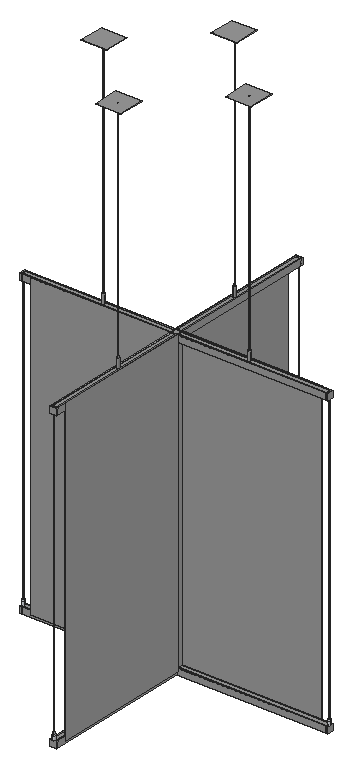
Revit family "Leesti Tomas Pendant Revit Family 06-09-2017", category Lighting Fixtures, host Ceiling, Revit 2014
Parameters (values of type "Leesti Tomas")
  finish = Metal, Paint Finish, White, Matte
  felt = Linen, White
  UTF - Up Light Towards Felt = yes
  UPI - Up Light Indirect = yes
  DTF - Down towards felt = yes
  DLD - Down Light Direct = yes
Types (6): name | felt
  (no name) | Linen, White
  Leesti Pendant Direct 2' | none
  Leesti Tomas | Linen, White
  Leesti Pendant Direct 1' | none
  Leesti Pendant Direct 3' | none
  Leesti Pendant Direct 8' | none
Reference planes (in)
  plane 1 "Light Source Axis (F/B)": y = 0
  plane 2 "Ceiling": z = 38.40234
  plane 3 "Light Source Axis (L/R)": x = 0
  plane 4 "Light Source Elevation": z = 1
Forms (in)
  Extrusion 1, solid, material "Metal, Paint Finish, White, Matte" <- "finish"
    sketch origin (0, 0, 0) x (1, 0, 0) y (0, 1, 0)
      loop
        line (-24.25, 0.5) -> (-24.25, -0.5) -> (-24, -0.5) -> (-24, 0.5) -> (-24.25, 0.5)
    from 0 to 1
  Extrusion 2, solid, material "Metal, Paint Finish, White, Matte" <- "finish"
    sketch origin (12.625, 0, 0) x (1, 0, 0) y (0, 1, 0)
      loop
        circle (-24.125, 0) r 0.2
    from 1 to 2.375
  Extrusion 3, solid, material "Metal, Paint Finish, White, Matte" <- "finish"
    sketch origin (12.625, 0, 0) x (1, 0, 0) y (0, 1, 0)
      loop
        circle (-24.125, 0) r 0.07031
    from 2.375 to 2.625
  Extrusion 4, solid, material "Metal, Paint Finish, White, Matte" <- "finish"
    sketch origin (12.625, 0, 0) x (1, 0, 0) y (0, 1, 0)
      loop
        circle (-24.125, 0) r 0.03906
    from 2.625 to 38.33984
  Extrusion 5, solid, material "Metal, Paint Finish, White, Matte" <- "finish"
    sketch origin (12.75, 0, 0) x (1, 0, 0) y (0, 1, 0)
      loop
        line (-22.125, 2) -> (-26.125, 2) -> (-26.125, -2) -> (-22.125, -2) -> (-22.125, 2)
    from 38.33984 to 38.40234
  Extrusion 6, solid, material "Metal, Paint Finish, White, Matte" <- "finish"
    sketch origin (3.98865, -2.95169, 0) x (1, 0, 0) y (0, 1, 0)
      loop
        line (-4.48865, 3.45169) -> (-4.48865, 2.45169) -> (-3.48865, 2.45169) -> (-3.48865, 3.45169) -> (-4.48865, 3.45169)
    from -47 to 1
  Extrusion 7, solid, material "Metal, Paint Finish, White, Matte" <- "finish"
    sketch origin (-26.5, 0, 0) x (1, 0, 0) y (0, 1, 0)
      loop
        line (2.5, 0.5) -> (2.5, 0.375) -> (26, 0.375) -> (26, 0.5) -> (2.5, 0.5)
      loop
        line (2.5, -0.5) -> (26, -0.5) -> (26, -0.375) -> (2.5, -0.375) -> (2.5, -0.5)
    from 0 to 1
  Extrusion 8, solid, material "Linen, White" <- "felt"
    sketch origin (0, 0, 0) x (1, 0, 0) y (0, 1, 0)
      loop
        line (-0.5, -0.5) -> (-22.5, -0.5) -> (-22.5, -0.5625) -> (-0.5, -0.5625) -> (-0.5, -0.5)
    from -46.66797 to 1
  Extrusion 9, solid, material "Metal, Paint Finish, White, Matte" <- "finish"
    sketch origin (0, 0, -47) x (1, 0, 0) y (0, 1, 0)
      loop
        line (-24.25, 0.5) -> (-24.25, -0.5) -> (-24, -0.5) -> (-24, 0.5) -> (-24.25, 0.5)
    from 0 to 1
  Extrusion 10, solid, material "Metal, Paint Finish, White, Matte" <- "finish"
    sketch origin (-26.5, 0, -47) x (1, 0, 0) y (0, 1, 0)
      loop
        line (2.5, 0.5) -> (2.5, 0.375) -> (26, 0.375) -> (26, 0.5) -> (2.5, 0.5)
      loop
        line (2.5, -0.5) -> (26, -0.5) -> (26, -0.375) -> (2.5, -0.375) -> (2.5, -0.5)
    from 0 to 1
  Extrusion 11, solid
    sketch origin (0, 0, -47) x (1, 0, 0) y (0, 1, 0)
      loop
        circle (-24.125, 0) r 0.2
    from 1 to 1.57813
  Extrusion 12, solid
    sketch origin (0, 0, -47) x (1, 0, 0) y (0, 1, 0)
      loop
        circle (-24.125, 0) r 0.07031
    from 1.78125 to 2.13672
  Extrusion 13, solid
    sketch origin (0, 0, -47) x (1, 0, 0) y (0, 1, 0)
      loop
        circle (-24.125, 0) r 0.03906
    from 2.13672 to 47
  Extrusion 14, solid
    sketch origin (0, 0, -46.42187) x (1, 0, 0) y (0, 1, 0)
      loop
        circle (-24.125, 0) r 0.1875
    from 1 to 1.20312
  Extrusion 15, solid, material "Metal, Paint Finish, White, Matte" <- "finish"
    sketch origin (0, 0, 0) x (0, 1, 0) y (-1, 0, 0)
      loop
        line (-24.25, 0.5) -> (-24.25, -0.5) -> (-24, -0.5) -> (-24, 0.5) -> (-24.25, 0.5)
    from 0 to 1
  Extrusion 16, solid, material "Metal, Paint Finish, White, Matte" <- "finish"
    sketch origin (0, 12.625, 0) x (0, 1, 0) y (-1, 0, 0)
      loop
        circle (-24.125, 0) r 0.2
    from 1 to 2.375
  Extrusion 17, solid, material "Metal, Paint Finish, White, Matte" <- "finish"
    sketch origin (0, 12.625, 0) x (0, 1, 0) y (-1, 0, 0)
      loop
        circle (-24.125, 0) r 0.07031
    from 2.375 to 2.625
  Extrusion 18, solid, material "Metal, Paint Finish, White, Matte" <- "finish"
    sketch origin (0, 12.625, 0) x (0, 1, 0) y (-1, 0, 0)
      loop
        circle (-24.125, 0) r 0.03906
    from 2.625 to 38.33984
  Extrusion 19, solid, material "Metal, Paint Finish, White, Matte" <- "finish"
    sketch origin (0, 12.75, 0) x (0, 1, 0) y (-1, 0, 0)
      loop
        line (-22.125, 2) -> (-26.125, 2) -> (-26.125, -2) -> (-22.125, -2) -> (-22.125, 2)
    from 38.33984 to 38.40234
  Extrusion 20, solid, material "Glass, Frosted, High Luminance", visible <- "UTF - Up Light Towards Felt"
    sketch origin (0, -26.5, 0) x (0, 1, 0) y (-1, 0, 0)
      loop
        line (2.5, 0.375) -> (2.5, -0.375) -> (26, -0.375) -> (26, 0.375) -> (2.5, 0.375)
    from 0.03125 to 0.10156
  Extrusion 21, solid, material "Metal, Paint Finish, White, Matte" <- "finish"
    sketch origin (0, -26.5, 0) x (0, 1, 0) y (-1, 0, 0)
      loop
        line (2.5, 0.5) -> (2.5, 0.375) -> (26, 0.375) -> (26, 0.5) -> (2.5, 0.5)
      loop
        line (2.5, -0.5) -> (26, -0.5) -> (26, -0.375) -> (2.5, -0.375) -> (2.5, -0.5)
    from 0 to 1
  Extrusion 22, solid, material "Metal, Paint Finish, White, Matte" <- "finish", visible <- "UTF - Up Light Towards Felt"
    sketch origin (0, -26.5, 0.89844) x (0, 1, 0) y (-1, 0, 0)
      loop
        line (2.5, 0.375) -> (2.5, -0.375) -> (26, -0.375) -> (26, 0.375) -> (2.5, 0.375)
    from 0.03125 to 0.10156
  Extrusion 23, solid, material "Linen, White" <- "felt"
    sketch origin (0, 0, 0) x (0, 1, 0) y (-1, 0, 0)
      loop
        line (-0.5, -0.5) -> (-22.5, -0.5) -> (-22.5, -0.5625) -> (-0.5, -0.5625) -> (-0.5, -0.5)
    from -46.66797 to 1
  Extrusion 24, solid, material "Metal, Paint Finish, White, Matte" <- "finish"
    sketch origin (0, 0, -47) x (0, 1, 0) y (-1, 0, 0)
      loop
        line (-24.25, 0.5) -> (-24.25, -0.5) -> (-24, -0.5) -> (-24, 0.5) -> (-24.25, 0.5)
    from 0 to 1
  Extrusion 25, solid, material "Metal, Paint Finish, White, Matte" <- "finish"
    sketch origin (0, -26.5, -47) x (0, 1, 0) y (-1, 0, 0)
      loop
        line (2.5, 0.5) -> (2.5, 0.375) -> (26, 0.375) -> (26, 0.5) -> (2.5, 0.5)
      loop
        line (2.5, -0.5) -> (26, -0.5) -> (26, -0.375) -> (2.5, -0.375) -> (2.5, -0.5)
    from 0 to 1
  Extrusion 26, solid
    sketch origin (0, 0, -47) x (0, 1, 0) y (-1, 0, 0)
      loop
        circle (-24.125, 0) r 0.2
    from 1 to 1.57813
  Extrusion 27, solid
    sketch origin (0, 0, -47) x (0, 1, 0) y (-1, 0, 0)
      loop
        circle (-24.125, 0) r 0.07031
    from 1.78125 to 2.13672
  Extrusion 28, solid
    sketch origin (0, 0, -47) x (0, 1, 0) y (-1, 0, 0)
      loop
        circle (-24.125, 0) r 0.03906
    from 2.13672 to 47
  Extrusion 29, solid
    sketch origin (0, 0, -46.42187) x (0, 1, 0) y (-1, 0, 0)
      loop
        circle (-24.125, 0) r 0.1875
    from 1 to 1.20312
  Extrusion 30, solid, material "Metal, Paint Finish, White, Matte" <- "finish"
    sketch origin (0, 0, 0) x (0, -1, 0) y (1, 0, 0)
      loop
        line (-24.25, 0.5) -> (-24.25, -0.5) -> (-24, -0.5) -> (-24, 0.5) -> (-24.25, 0.5)
    from 0 to 1
  Extrusion 31, solid, material "Metal, Paint Finish, White, Matte" <- "finish"
    sketch origin (0, -12.625, 0) x (0, -1, 0) y (1, 0, 0)
      loop
        circle (-24.125, 0) r 0.2
    from 1 to 2.375
  Extrusion 32, solid, material "Metal, Paint Finish, White, Matte" <- "finish"
    sketch origin (0, -12.625, 0) x (0, -1, 0) y (1, 0, 0)
      loop
        circle (-24.125, 0) r 0.07031
    from 2.375 to 2.625
  Extrusion 33, solid, material "Metal, Paint Finish, White, Matte" <- "finish"
    sketch origin (0, -12.625, 0) x (0, -1, 0) y (1, 0, 0)
      loop
        circle (-24.125, 0) r 0.03906
    from 2.625 to 38.33984
  Extrusion 34, solid, material "Metal, Paint Finish, White, Matte" <- "finish"
    sketch origin (0, -12.75, 0) x (0, -1, 0) y (1, 0, 0)
      loop
        line (-22.125, 2) -> (-26.125, 2) -> (-26.125, -2) -> (-22.125, -2) -> (-22.125, 2)
    from 38.33984 to 38.40234
  Extrusion 35, solid, material "Metal, Paint Finish, White, Matte" <- "finish"
    sketch origin (0, 26.5, 0) x (0, -1, 0) y (1, 0, 0)
      loop
        line (2.5, 0.5) -> (2.5, 0.375) -> (26, 0.375) -> (26, 0.5) -> (2.5, 0.5)
      loop
        line (2.5, -0.5) -> (26, -0.5) -> (26, -0.375) -> (2.5, -0.375) -> (2.5, -0.5)
    from 0 to 1
  Extrusion 36, solid, material "Linen, White" <- "felt"
    sketch origin (0, 0, 0) x (0, -1, 0) y (1, 0, 0)
      loop
        line (-0.5, -0.5) -> (-22.5, -0.5) -> (-22.5, -0.5625) -> (-0.5, -0.5625) -> (-0.5, -0.5)
    from -46.66797 to 1
  Extrusion 37, solid, material "Metal, Paint Finish, White, Matte" <- "finish"
    sketch origin (0, 0, -47) x (0, -1, 0) y (1, 0, 0)
      loop
        line (-24.25, 0.5) -> (-24.25, -0.5) -> (-24, -0.5) -> (-24, 0.5) -> (-24.25, 0.5)
    from 0 to 1
  Extrusion 38, solid, material "Metal, Paint Finish, White, Matte" <- "finish"
    sketch origin (0, 26.5, -47) x (0, -1, 0) y (1, 0, 0)
      loop
        line (2.5, 0.5) -> (2.5, 0.375) -> (26, 0.375) -> (26, 0.5) -> (2.5, 0.5)
      loop
        line (2.5, -0.5) -> (26, -0.5) -> (26, -0.375) -> (2.5, -0.375) -> (2.5, -0.5)
    from 0 to 1
  Extrusion 39, solid
    sketch origin (0, 0, -47) x (0, -1, 0) y (1, 0, 0)
      loop
        circle (-24.125, 0) r 0.2
    from 1 to 1.57813
  Extrusion 40, solid
    sketch origin (0, 0, -47) x (0, -1, 0) y (1, 0, 0)
      loop
        circle (-24.125, 0) r 0.07031
    from 1.78125 to 2.13672
  Extrusion 41, solid
    sketch origin (0, 0, -47) x (0, -1, 0) y (1, 0, 0)
      loop
        circle (-24.125, 0) r 0.03906
    from 2.13672 to 47
  Extrusion 42, solid
    sketch origin (0, 0, -46.42187) x (0, -1, 0) y (1, 0, 0)
      loop
        circle (-24.125, 0) r 0.1875
    from 1 to 1.20312
  Extrusion 43, solid, material "Metal, Paint Finish, White, Matte" <- "finish"
    sketch origin (0, 0, 0) x (-1, 0, 0) y (0, -1, 0)
      loop
        line (-24.25, 0.5) -> (-24.25, -0.5) -> (-24, -0.5) -> (-24, 0.5) -> (-24.25, 0.5)
    from 0 to 1
  Extrusion 44, solid, material "Metal, Paint Finish, White, Matte" <- "finish"
    sketch origin (-12.625, 0, 0) x (-1, 0, 0) y (0, -1, 0)
      loop
        circle (-24.125, 0) r 0.2
    from 1 to 2.375
  Extrusion 45, solid, material "Metal, Paint Finish, White, Matte" <- "finish"
    sketch origin (-12.625, 0, 0) x (-1, 0, 0) y (0, -1, 0)
      loop
        circle (-24.125, 0) r 0.07031
    from 2.375 to 2.625
  Extrusion 46, solid, material "Metal, Paint Finish, White, Matte" <- "finish"
    sketch origin (-12.625, 0, 0) x (-1, 0, 0) y (0, -1, 0)
      loop
        circle (-24.125, 0) r 0.03906
    from 2.625 to 38.33984
  Extrusion 47, solid, material "Metal, Paint Finish, White, Matte" <- "finish"
    sketch origin (-12.75, 0, 0) x (-1, 0, 0) y (0, -1, 0)
      loop
        line (-22.125, 2) -> (-26.125, 2) -> (-26.125, -2) -> (-22.125, -2) -> (-22.125, 2)
    from 38.33984 to 38.40234
  Extrusion 48, solid, material "Metal, Paint Finish, White, Matte" <- "finish"
    sketch origin (26.5, 0, 0) x (-1, 0, 0) y (0, -1, 0)
      loop
        line (2.5, 0.5) -> (2.5, 0.375) -> (26, 0.375) -> (26, 0.5) -> (2.5, 0.5)
      loop
        line (2.5, -0.5) -> (26, -0.5) -> (26, -0.375) -> (2.5, -0.375) -> (2.5, -0.5)
    from 0 to 1
  Extrusion 49, solid, material "Linen, White" <- "felt"
    sketch origin (0, 0, 0) x (-1, 0, 0) y (0, -1, 0)
      loop
        line (-0.5, -0.5) -> (-22.5, -0.5) -> (-22.5, -0.5625) -> (-0.5, -0.5625) -> (-0.5, -0.5)
    from -46.66797 to 1
  Extrusion 50, solid, material "Metal, Paint Finish, White, Matte" <- "finish"
    sketch origin (0, 0, -47) x (-1, 0, 0) y (0, -1, 0)
      loop
        line (-24.25, 0.5) -> (-24.25, -0.5) -> (-24, -0.5) -> (-24, 0.5) -> (-24.25, 0.5)
    from 0 to 1
  Extrusion 51, solid, material "Metal, Paint Finish, White, Matte" <- "finish"
    sketch origin (26.5, 0, -47) x (-1, 0, 0) y (0, -1, 0)
      loop
        line (2.5, 0.5) -> (2.5, 0.375) -> (26, 0.375) -> (26, 0.5) -> (2.5, 0.5)
      loop
        line (2.5, -0.5) -> (26, -0.5) -> (26, -0.375) -> (2.5, -0.375) -> (2.5, -0.5)
    from 0 to 1
  Extrusion 52, solid
    sketch origin (0, 0, -47) x (-1, 0, 0) y (0, -1, 0)
      loop
        circle (-24.125, 0) r 0.2
    from 1 to 1.57813
  Extrusion 53, solid
    sketch origin (0, 0, -47) x (-1, 0, 0) y (0, -1, 0)
      loop
        circle (-24.125, 0) r 0.07031
    from 1.78125 to 2.13672
  Extrusion 54, solid
    sketch origin (0, 0, -47) x (-1, 0, 0) y (0, -1, 0)
      loop
        circle (-24.125, 0) r 0.03906
    from 2.13672 to 47
  Extrusion 55, solid
    sketch origin (0, 0, -46.42187) x (-1, 0, 0) y (0, -1, 0)
      loop
        circle (-24.125, 0) r 0.1875
    from 1 to 1.20312
  Extrusion 56, solid, material "Glass, Frosted, High Luminance", visible <- "UTF - Up Light Towards Felt", not visible
    sketch origin (0, -26.5, 0) x (0, 1, 0) y (-1, 0, 0)
      loop
        line (2.5, 0.375) -> (2.5, -0.375) -> (26, -0.375) -> (26, 0.375) -> (2.5, 0.375)
    from 0.03125 to 0.10156
  Extrusion 57, solid, material "Metal, Paint Finish, White, Matte" <- "finish", visible <- "UTF - Up Light Towards Felt", not visible
    sketch origin (0, -26.5, 0.89844) x (0, 1, 0) y (-1, 0, 0)
      loop
        line (2.5, 0.375) -> (2.5, -0.375) -> (26, -0.375) -> (26, 0.375) -> (2.5, 0.375)
    from 0.03125 to 0.10156
  Extrusion 58, solid, material "Glass, Frosted, High Luminance", visible <- "UPI - Up Light Indirect"
    sketch origin (0, -26.5, 0.86719) x (1, 0, 0) y (0, 1, 0)
      loop
        line (0.375, 2.5) -> (0.375, 26) -> (-0.375, 26) -> (-0.375, 2.5) -> (0.375, 2.5)
    from 0.03125 to 0.10156
  Extrusion 59, solid, material "Metal, Paint Finish, White, Matte" <- "finish", visible <- "UPI - Up Light Indirect"
    sketch origin (0, -26.5, -0.03125) x (1, 0, 0) y (0, 1, 0)
      loop
        line (0.375, 2.5) -> (0.375, 26) -> (-0.375, 26) -> (-0.375, 2.5) -> (0.375, 2.5)
    from 0.03125 to 0.10156
  Extrusion 60, solid, material "Glass, Frosted, High Luminance", visible <- "UPI - Up Light Indirect", not visible
    sketch origin (0, -26.5, 0.86719) x (1, 0, 0) y (0, 1, 0)
      loop
        line (0.375, 2.5) -> (0.375, 26) -> (-0.375, 26) -> (-0.375, 2.5) -> (0.375, 2.5)
    from 0.03125 to 0.10156
  Extrusion 61, solid, material "Metal, Paint Finish, White, Matte" <- "finish", visible <- "UPI - Up Light Indirect", not visible
    sketch origin (0, -26.5, -0.03125) x (1, 0, 0) y (0, 1, 0)
      loop
        line (0.375, 2.5) -> (0.375, 26) -> (-0.375, 26) -> (-0.375, 2.5) -> (0.375, 2.5)
    from 0.03125 to 0.10156
  Extrusion 62, solid, material "Glass, Frosted, High Luminance", visible <- "UTF - Up Light Towards Felt"
    sketch origin (0, -2, 0) x (0, 1, 0) y (-1, 0, 0)
      loop
        line (2.5, 0.375) -> (2.5, -0.375) -> (26, -0.375) -> (26, 0.375) -> (2.5, 0.375)
    from 0.03125 to 0.10156
  Extrusion 63, solid, material "Metal, Paint Finish, White, Matte" <- "finish", visible <- "UTF - Up Light Towards Felt"
    sketch origin (0, -2, 0.89844) x (0, 1, 0) y (-1, 0, 0)
      loop
        line (2.5, 0.375) -> (2.5, -0.375) -> (26, -0.375) -> (26, 0.375) -> (2.5, 0.375)
    from 0.03125 to 0.10156
  Extrusion 64, solid, material "Glass, Frosted, High Luminance", visible <- "UPI - Up Light Indirect"
    sketch origin (0, -2, 0.86719) x (1, 0, 0) y (0, 1, 0)
      loop
        line (0.375, 2.5) -> (0.375, 26) -> (-0.375, 26) -> (-0.375, 2.5) -> (0.375, 2.5)
    from 0.03125 to 0.10156
  Extrusion 65, solid, material "Metal, Paint Finish, White, Matte" <- "finish", visible <- "UPI - Up Light Indirect"
    sketch origin (0, -2, -0.03125) x (1, 0, 0) y (0, 1, 0)
      loop
        line (0.375, 2.5) -> (0.375, 26) -> (-0.375, 26) -> (-0.375, 2.5) -> (0.375, 2.5)
    from 0.03125 to 0.10156
  Extrusion 66, solid, material "Glass, Frosted, High Luminance", visible <- "UTF - Up Light Towards Felt"
    sketch origin (-26.5, 0, 0) x (1, 0, 0) y (0, 1, 0)
      loop
        line (2.5, 0.375) -> (2.5, -0.375) -> (26, -0.375) -> (26, 0.375) -> (2.5, 0.375)
    from 0.03125 to 0.10156
  Extrusion 67, solid, material "Metal, Paint Finish, White, Matte" <- "finish", visible <- "UTF - Up Light Towards Felt"
    sketch origin (-26.5, 0, 0.89844) x (1, 0, 0) y (0, 1, 0)
      loop
        line (2.5, 0.375) -> (2.5, -0.375) -> (26, -0.375) -> (26, 0.375) -> (2.5, 0.375)
    from 0.03125 to 0.10156
  Extrusion 68, solid, material "Glass, Frosted, High Luminance", visible <- "UPI - Up Light Indirect"
    sketch origin (-26.5, 0, 0.86719) x (0, -1, 0) y (1, 0, 0)
      loop
        line (0.375, 2.5) -> (0.375, 26) -> (-0.375, 26) -> (-0.375, 2.5) -> (0.375, 2.5)
    from 0.03125 to 0.10156
  Extrusion 69, solid, material "Metal, Paint Finish, White, Matte" <- "finish", visible <- "UPI - Up Light Indirect"
    sketch origin (-26.5, 0, -0.03125) x (0, -1, 0) y (1, 0, 0)
      loop
        line (0.375, 2.5) -> (0.375, 26) -> (-0.375, 26) -> (-0.375, 2.5) -> (0.375, 2.5)
    from 0.03125 to 0.10156
  Extrusion 70, solid, material "Glass, Frosted, High Luminance", visible <- "UTF - Up Light Towards Felt"
    sketch origin (-2, 0, 0) x (1, 0, 0) y (0, 1, 0)
      loop
        line (2.5, 0.375) -> (2.5, -0.375) -> (26, -0.375) -> (26, 0.375) -> (2.5, 0.375)
    from 0.03125 to 0.10156
  Extrusion 71, solid, material "Metal, Paint Finish, White, Matte" <- "finish", visible <- "UTF - Up Light Towards Felt"
    sketch origin (-2, 0, 0.89844) x (1, 0, 0) y (0, 1, 0)
      loop
        line (2.5, 0.375) -> (2.5, -0.375) -> (26, -0.375) -> (26, 0.375) -> (2.5, 0.375)
    from 0.03125 to 0.10156
  Extrusion 72, solid, material "Glass, Frosted, High Luminance", visible <- "UPI - Up Light Indirect"
    sketch origin (-2, 0, 0.86719) x (0, -1, 0) y (1, 0, 0)
      loop
        line (0.375, 2.5) -> (0.375, 26) -> (-0.375, 26) -> (-0.375, 2.5) -> (0.375, 2.5)
    from 0.03125 to 0.10156
  Extrusion 73, solid, material "Metal, Paint Finish, White, Matte" <- "finish", visible <- "UPI - Up Light Indirect"
    sketch origin (-2, 0, -0.03125) x (0, -1, 0) y (1, 0, 0)
      loop
        line (0.375, 2.5) -> (0.375, 26) -> (-0.375, 26) -> (-0.375, 2.5) -> (0.375, 2.5)
    from 0.03125 to 0.10156
  Extrusion 74, solid, material "Glass, Frosted, High Luminance", visible <- "DLD - Down Light Direct"
    sketch origin (-26.5, 0, -47) x (1, 0, 0) y (0, 1, 0)
      loop
        line (2.5, 0.375) -> (2.5, -0.375) -> (26, -0.375) -> (26, 0.375) -> (2.5, 0.375)
    from 0.03125 to 0.10156
  Extrusion 75, solid, material "Metal, Paint Finish, White, Matte" <- "finish", visible <- "DLD - Down Light Direct"
    sketch origin (-26.5, 0, -46.10156) x (1, 0, 0) y (0, 1, 0)
      loop
        line (2.5, 0.375) -> (2.5, -0.375) -> (26, -0.375) -> (26, 0.375) -> (2.5, 0.375)
    from 0.03125 to 0.10156
  Extrusion 76, solid, material "Glass, Frosted, High Luminance", visible <- "DTF - Down towards felt"
    sketch origin (-26.5, 0, -46.13281) x (0, -1, 0) y (1, 0, 0)
      loop
        line (0.375, 2.5) -> (0.375, 26) -> (-0.375, 26) -> (-0.375, 2.5) -> (0.375, 2.5)
    from 0.03125 to 0.10156
  Extrusion 77, solid, material "Metal, Paint Finish, White, Matte" <- "finish", visible <- "DTF - Down towards felt"
    sketch origin (-26.5, 0, -47.03125) x (0, -1, 0) y (1, 0, 0)
      loop
        line (0.375, 2.5) -> (0.375, 26) -> (-0.375, 26) -> (-0.375, 2.5) -> (0.375, 2.5)
    from 0.03125 to 0.10156
  Extrusion 78, solid, material "Glass, Frosted, High Luminance", visible <- "DLD - Down Light Direct", not visible
    sketch origin (0, -26.5, 0) x (0, 1, 0) y (-1, 0, 0)
      loop
        line (2.5, 0.375) -> (2.5, -0.375) -> (26, -0.375) -> (26, 0.375) -> (2.5, 0.375)
    from 0.03125 to 0.10156
  Extrusion 79, solid, material "Metal, Paint Finish, White, Matte" <- "finish", visible <- "DLD - Down Light Direct", not visible
    sketch origin (0, -26.5, 0.89844) x (0, 1, 0) y (-1, 0, 0)
      loop
        line (2.5, 0.375) -> (2.5, -0.375) -> (26, -0.375) -> (26, 0.375) -> (2.5, 0.375)
    from 0.03125 to 0.10156
  Extrusion 80, solid, material "Glass, Frosted, High Luminance", visible <- "DTF - Down towards felt", not visible
    sketch origin (0, -26.5, 0.86719) x (1, 0, 0) y (0, 1, 0)
      loop
        line (0.375, 2.5) -> (0.375, 26) -> (-0.375, 26) -> (-0.375, 2.5) -> (0.375, 2.5)
    from 0.03125 to 0.10156
  Extrusion 81, solid, material "Metal, Paint Finish, White, Matte" <- "finish", visible <- "DTF - Down towards felt", not visible
    sketch origin (0, -26.5, -0.03125) x (1, 0, 0) y (0, 1, 0)
      loop
        line (0.375, 2.5) -> (0.375, 26) -> (-0.375, 26) -> (-0.375, 2.5) -> (0.375, 2.5)
    from 0.03125 to 0.10156
  Extrusion 82, solid, material "Glass, Frosted, High Luminance", visible <- "DLD - Down Light Direct"
    sketch origin (-2, 0, -47) x (1, 0, 0) y (0, 1, 0)
      loop
        line (2.5, 0.375) -> (2.5, -0.375) -> (26, -0.375) -> (26, 0.375) -> (2.5, 0.375)
    from 0.03125 to 0.10156
  Extrusion 83, solid, material "Metal, Paint Finish, White, Matte" <- "finish", visible <- "DLD - Down Light Direct"
    sketch origin (-2, 0, -46.10156) x (1, 0, 0) y (0, 1, 0)
      loop
        line (2.5, 0.375) -> (2.5, -0.375) -> (26, -0.375) -> (26, 0.375) -> (2.5, 0.375)
    from 0.03125 to 0.10156
  Extrusion 84, solid, material "Glass, Frosted, High Luminance", visible <- "DTF - Down towards felt"
    sketch origin (-2, 0, -46.13281) x (0, -1, 0) y (1, 0, 0)
      loop
        line (0.375, 2.5) -> (0.375, 26) -> (-0.375, 26) -> (-0.375, 2.5) -> (0.375, 2.5)
    from 0.03125 to 0.10156
  Extrusion 85, solid, material "Metal, Paint Finish, White, Matte" <- "finish", visible <- "DTF - Down towards felt"
    sketch origin (-2, 0, -47.03125) x (0, -1, 0) y (1, 0, 0)
      loop
        line (0.375, 2.5) -> (0.375, 26) -> (-0.375, 26) -> (-0.375, 2.5) -> (0.375, 2.5)
    from 0.03125 to 0.10156
  Extrusion 86, solid, material "Glass, Frosted, High Luminance", visible <- "DLD - Down Light Direct"
    sketch origin (0, -2, -47) x (0, 1, 0) y (-1, 0, 0)
      loop
        line (2.5, 0.375) -> (2.5, -0.375) -> (26, -0.375) -> (26, 0.375) -> (2.5, 0.375)
    from 0.03125 to 0.10156
  Extrusion 87, solid, material "Metal, Paint Finish, White, Matte" <- "finish", visible <- "DLD - Down Light Direct"
    sketch origin (0, -2, -46.10156) x (0, 1, 0) y (-1, 0, 0)
      loop
        line (2.5, 0.375) -> (2.5, -0.375) -> (26, -0.375) -> (26, 0.375) -> (2.5, 0.375)
    from 0.03125 to 0.10156
  Extrusion 88, solid, material "Glass, Frosted, High Luminance", visible <- "DTF - Down towards felt"
    sketch origin (0, -2, -46.13281) x (1, 0, 0) y (0, 1, 0)
      loop
        line (0.375, 2.5) -> (0.375, 26) -> (-0.375, 26) -> (-0.375, 2.5) -> (0.375, 2.5)
    from 0.03125 to 0.10156
  Extrusion 89, solid, material "Metal, Paint Finish, White, Matte" <- "finish", visible <- "DTF - Down towards felt"
    sketch origin (0, -2, -47.03125) x (1, 0, 0) y (0, 1, 0)
      loop
        line (0.375, 2.5) -> (0.375, 26) -> (-0.375, 26) -> (-0.375, 2.5) -> (0.375, 2.5)
    from 0.03125 to 0.10156
  Extrusion 90, solid, material "Glass, Frosted, High Luminance", visible <- "DLD - Down Light Direct"
    sketch origin (0, -26.5, -47) x (0, 1, 0) y (-1, 0, 0)
      loop
        line (2.5, 0.375) -> (2.5, -0.375) -> (26, -0.375) -> (26, 0.375) -> (2.5, 0.375)
    from 0.03125 to 0.10156
  Extrusion 91, solid, material "Metal, Paint Finish, White, Matte" <- "finish", visible <- "DLD - Down Light Direct"
    sketch origin (0, -26.5, -46.10156) x (0, 1, 0) y (-1, 0, 0)
      loop
        line (2.5, 0.375) -> (2.5, -0.375) -> (26, -0.375) -> (26, 0.375) -> (2.5, 0.375)
    from 0.03125 to 0.10156
  Extrusion 92, solid, material "Glass, Frosted, High Luminance", visible <- "DTF - Down towards felt"
    sketch origin (0, -26.5, -46.13281) x (1, 0, 0) y (0, 1, 0)
      loop
        line (0.375, 2.5) -> (0.375, 26) -> (-0.375, 26) -> (-0.375, 2.5) -> (0.375, 2.5)
    from 0.03125 to 0.10156
  Extrusion 93, solid, material "Metal, Paint Finish, White, Matte" <- "finish", visible <- "DTF - Down towards felt"
    sketch origin (0, -26.5, -47.03125) x (1, 0, 0) y (0, 1, 0)
      loop
        line (0.375, 2.5) -> (0.375, 26) -> (-0.375, 26) -> (-0.375, 2.5) -> (0.375, 2.5)
    from 0.03125 to 0.10156
Lines and regions (in)
  model lines
    curve 1: line (-12.25, 0, 1) -> (-12.25, 0, 0.07031)
    curve 2: line (12.24337, 0, 1) -> (12.24337, 0, 0.07031)
    curve 4: line (-12.25, 0, -45.92969) -> (-12.25, 0, -46.92969)
    curve 7: line (0, -12.25, -45.92969) -> (0, -12.25, -46.92969)
    curve 8: line (0, -12.25, 1) -> (0, -12.25, 0.07031)
    curve 9: line (0, 12.25, 1) -> (0, 12.25, 0.07031)
    curve 10: line (12.24337, 0, -45.92969) -> (12.24337, 0, -46.92969)
    curve 11: line (0, 12.25, -45.92969) -> (0, 12.25, -46.92969)
    curve 12: line (12.24337, 0, 1) -> (12.24337, 0, 0)
    curve 14: line (0, -12.25, 1) -> (0, -12.25, 0)
    curve 15: line (-12.25, 0, 1) -> (-12.25, 0, 0)
    curve 16: line (0, 12.25, 1) -> (0, 12.25, 0)
    curve 17: line (0, 12.25, -46) -> (0, 12.25, -47)
    curve 19: line (-12.25, 0, -46) -> (-12.25, 0, -47)
    curve 20: line (0, -12.25, -46) -> (0, -12.25, -47)
    curve 21: line (12.24337, 0, -46) -> (12.24337, 0, -47)
  model lines, not visible
    curve 3: line (0, 15.49951, 41.99838) -> (0, 15.49951, 41.24838)
    curve 5: line (-17.125, 0, 0.5) -> (-17.125, 0, -0.42969)
    curve 6: line (-17.125, 0, 0.57031) -> (-17.125, 0, -0.42969)
    curve 13: line (-17.125, 0, 0.57031) -> (-17.125, 0, -0.42969)
    curve 18: line (-17.125, 0, 0.57031) -> (-17.125, 0, -0.42969)
Dimensions and locks (in)
  equal spacing: host sketch curve, plane 3 "Light Source Axis (L/R)", host sketch curve
  equal spacing: host sketch curve, plane 1 "Light Source Axis (F/B)", host sketch curve
  host sketch curve to host sketch curve = 10' - 0"  (x2)
  aligned and locked: Extrusion 7 to Extrusion 6  (x2)
Nested families (in)
  nested 1: "Leesti Tomas 4'" at (-12.25, 8.60801, -41), visible <- "UPI - Up Light Indirect", type "DTF - Down towards felt"
  nested 2: "Leesti Tomas 4'" at (12.24337, 8.60801, -41), visible <- "UPI - Up Light Indirect", type "DTF - Down towards felt"
  nested 3: "Leesti Pendant Direct 1'" at (0, 24.10801, 0), type "Leesti Pendant Direct 1'", not visible
  nested 4: "Leesti Tomas 4'" at (-12.25, 8.60801, -88), visible <- "DTF - Down towards felt", type "DTF - Down towards felt"
  nested 5: "Leesti Tomas 4'" at (-17.125, 8.60801, -41.5), visible <- "UPI - Up Light Indirect", type "DTF - Down towards felt", not visible
  nested 6: "Leesti Tomas 4'" at (-17.125, 8.60801, -41.5), visible <- "DTF - Down towards felt", type "DTF - Down towards felt", not visible
  nested 7: "Leesti Tomas 4'" at (-8.60801, -12.25, -88) x (0, 1, 0) z (0, 0, 1), visible <- "DTF - Down towards felt", type "DTF - Down towards felt"
  nested 8: "Leesti Tomas 4'" at (-8.60801, -12.25, -41) x (0, 1, 0) z (0, 0, 1), visible <- "UPI - Up Light Indirect", type "DTF - Down towards felt"
  nested 9: "Leesti Tomas 4'" at (-8.60801, 12.25, -41) x (0, 1, 0) z (0, 0, 1), visible <- "UPI - Up Light Indirect", type "DTF - Down towards felt"
  nested 10: "Leesti Tomas 4'" at (12.24337, 8.60801, -88), visible <- "DTF - Down towards felt", type "DTF - Down towards felt"
  nested 11: "Leesti Tomas 4'" at (-8.60801, 12.25, -88) x (0, 1, 0) z (0, 0, 1), visible <- "DTF - Down towards felt", type "DTF - Down towards felt"
  nested 12: "Leesti Tomas 4' - down" at (12.24337, 8.60801, -54), visible <- "UTF - Up Light Towards Felt", type "UTF - Up Light Towards Felt"
  nested 13: "Leesti Tomas 4' - down" at (-17.125, 8.60801, -54.42969), visible <- "UTF - Up Light Towards Felt", type "UTF - Up Light Towards Felt", not visible
  nested 14: "Leesti Tomas 4' - down" at (-8.60801, -12.25, -54) x (0, 1, 0) z (0, 0, 1), visible <- "UTF - Up Light Towards Felt", type "UTF - Up Light Towards Felt"
  nested 15: "Leesti Tomas 4' - down" at (-12.25, 8.60801, -54), visible <- "UTF - Up Light Towards Felt", type "UTF - Up Light Towards Felt"
  nested 16: "Leesti Tomas 4' - down" at (-8.60801, 12.25, -54) x (0, 1, 0) z (0, 0, 1), visible <- "UTF - Up Light Towards Felt", type "UTF - Up Light Towards Felt"
  nested 17: "Leesti Tomas 4' - down" at (-8.60801, 12.25, -101) x (0, 1, 0) z (0, 0, 1), visible <- "DLD - Down Light Direct", type "DLD - Down Light Direct"
  nested 18: "Leesti Tomas 4' - down" at (-17.125, 8.60801, -54.42969), visible <- "DLD - Down Light Direct", type "DLD - Down Light Direct", not visible
  nested 19: "Leesti Tomas 4' - down" at (-12.25, 8.60801, -101), visible <- "DLD - Down Light Direct", type "DLD - Down Light Direct"
  nested 20: "Leesti Tomas 4' - down" at (-8.60801, -12.25, -101) x (0, 1, 0) z (0, 0, 1), visible <- "DLD - Down Light Direct", type "DLD - Down Light Direct"
  nested 21: "Leesti Tomas 4' - down" at (12.24337, 8.60801, -101), visible <- "DLD - Down Light Direct", type "DLD - Down Light Direct"
Definition of nested family "Leesti Tomas 4'"
  Parameters (values of type "UTF - Up Light Towards Felt")
    Wattage = 16.1571 W
    built-in parameter 1150110 = 1 (stored number, unit not read)
    built-in parameter 1114217 = 1 (stored number, unit not read)
    Tilt Angle = 90.00°
    built-in parameter 1150109 = 1 (stored number, unit not read)
    built-in parameter 1150134 = 1
    built-in parameter 1150113 = 1 (stored number, unit not read)
    Photometric Web File = "L021502208.IES"
    Lumens = 2400 lm
    built-in parameter 1150115 = 1 (stored number, unit not read)
    built-in parameter 1150105 = 190.99 (stored number, unit not read)
    built-in parameter 1150137 = (empty or 0)
    built-in parameter 1150139 = (empty or 0)
    built-in parameter 1150112 = 1 (stored number, unit not read)
    built-in parameter 1150114 = 1 (stored number, unit not read)
    built-in parameter 1150132 = 2
    built-in parameter 1150102 = (empty or 0)
    built-in parameter 1150138 = (empty or 0)
    built-in parameter 1150107 = 6500 (stored number, unit not read)
    built-in parameter 1150106 = 1.9099 (stored number, unit not read)
    Emit from Line Length = 1' - 11 1/2"
    built-in parameter 1150104 = 13.8 (stored number, unit not read)
    Dimming Lamp Color Temperature Shift = (empty or 0)
    Color Filter = 16777215
    built-in parameter 1114218 = 1 (stored number, unit not read)
    built-in parameter 1150133 = 10 (stored number, unit not read)
  Types (3): name | Photometric Web File | Emit from Line Length
    UTF - Up Light Towards Felt | "L021502208.IES" | 1' - 11 1/2"
    Leesti Tomas 4' UPI - Up Light Indirect | "L021502206.IES" | 2' - 0"
    DTF - Down towards felt | "L021502206.IES" | 2' - 0"
  Reference planes (in)
    plane 1 "Light Source Axis (F/B)": y = -8.60801
    plane 2: z = 0
    plane 3 "Light Source Axis (L/R)": x = 0
    plane 4 "Light Source Elevation": z = 42
    plane 5: z = 0
  Dimensions and locks (in)
    aligned and locked: plane 3 "Light Source Axis (L/R)" to imposter light
    aligned and locked: plane 1 "Light Source Axis (F/B)" to imposter light
    aligned and locked: plane 4 "Light Source Elevation" to imposter light
    aligned and locked: level to plane 5
Definition of nested family "Leesti Pendant Direct 1'"
  Parameters (values of type "Leesti Pendant Direct 1'")
    Wattage = 16.1571 W
    built-in parameter 1150110 = 1 (stored number, unit not read)
    built-in parameter 1114217 = 1 (stored number, unit not read)
    Tilt Angle = 90.00°
    built-in parameter 1150109 = 1 (stored number, unit not read)
    built-in parameter 1150134 = 1
    built-in parameter 1150113 = 1 (stored number, unit not read)
    Photometric Web File = "Leesti Pendant Direct 1'.IES"
    Lumens = 2400 lm
    built-in parameter 1150115 = 1 (stored number, unit not read)
    built-in parameter 1150105 = 190.99 (stored number, unit not read)
    built-in parameter 1150137 = (empty or 0)
    built-in parameter 1150139 = (empty or 0)
    built-in parameter 1150112 = 1 (stored number, unit not read)
    built-in parameter 1150114 = 1 (stored number, unit not read)
    built-in parameter 1150132 = 2
    built-in parameter 1150102 = (empty or 0)
    built-in parameter 1150138 = (empty or 0)
    built-in parameter 1150107 = 6500 (stored number, unit not read)
    built-in parameter 1150106 = 1.9099 (stored number, unit not read)
    Emit from Rectangle Width = 0' - 0 3/4"
    Emit from Rectangle Length = 0' - 0 3/4"
    Emit Shape Visible in Rendering = no
    built-in parameter 1150104 = 13.8 (stored number, unit not read)
    Dimming Lamp Color Temperature Shift = (empty or 0)
    Color Filter = 16777215
    built-in parameter 1114218 = 1 (stored number, unit not read)
    built-in parameter 1150133 = 10 (stored number, unit not read)
  Reference planes (in)
    plane 1 "Light Source Axis (F/B)": y = -8.60801
    plane 2: z = 0
    plane 3 "Light Source Axis (L/R)": x = 0
    plane 4 "Light Source Elevation": z = 42
    plane 5: z = 0
  Dimensions and locks (in)
    aligned and locked: plane 3 "Light Source Axis (L/R)" to imposter light
    aligned and locked: plane 1 "Light Source Axis (F/B)" to imposter light
    aligned and locked: plane 4 "Light Source Elevation" to imposter light
    aligned and locked: level to plane 5
Definition of nested family "Leesti Tomas 4' - down"
  Parameters (values of type "DLD - Down Light Direct")
    Wattage = 16.1571 W
    built-in parameter 1150110 = 1 (stored number, unit not read)
    built-in parameter 1114217 = 1 (stored number, unit not read)
    Tilt Angle = 90.00°
    built-in parameter 1150109 = 1 (stored number, unit not read)
    built-in parameter 1150134 = 1
    built-in parameter 1150113 = 1 (stored number, unit not read)
    Photometric Web File = "L021502206.IES"
    Lumens = 2400 lm
    built-in parameter 1150115 = 1 (stored number, unit not read)
    built-in parameter 1150105 = 190.99 (stored number, unit not read)
    built-in parameter 1150137 = (empty or 0)
    built-in parameter 1150139 = (empty or 0)
    built-in parameter 1150112 = 1 (stored number, unit not read)
    built-in parameter 1150114 = 1 (stored number, unit not read)
    built-in parameter 1150132 = 2
    built-in parameter 1150102 = (empty or 0)
    built-in parameter 1150138 = (empty or 0)
    built-in parameter 1150107 = 6500 (stored number, unit not read)
    built-in parameter 1150106 = 1.9099 (stored number, unit not read)
    Emit from Line Length = 1' - 11 1/2"
    built-in parameter 1150104 = 13.8 (stored number, unit not read)
    Dimming Lamp Color Temperature Shift = (empty or 0)
    Color Filter = 16777215
    built-in parameter 1114218 = 1 (stored number, unit not read)
    built-in parameter 1150133 = 10 (stored number, unit not read)
  Types (2): name | Emit from Line Length
    DLD - Down Light Direct | 1' - 11 1/2"
    UTF - Up Light Towards Felt | 2' - 0"
  Reference planes (in)
    plane 1 "Light Source Axis (F/B)": y = -8.60801
    plane 2: z = 0
    plane 3 "Light Source Axis (L/R)": x = 0
    plane 4 "Light Source Elevation": z = 54
    plane 5: z = 0
  Dimensions and locks (in)
    aligned and locked: plane 3 "Light Source Axis (L/R)" to imposter light
    aligned and locked: plane 1 "Light Source Axis (F/B)" to imposter light
    aligned and locked: plane 4 "Light Source Elevation" to imposter light
    aligned and locked: level to plane 5
